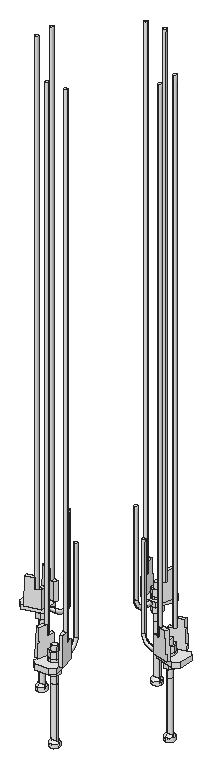
Revit family "a81064fe4cbe4a9d8d37ee35bb855d23", category Structural Connections, host Face, Revit 2021
Family settings
  Host = Face
  Material for Model Behavior = Other
  Enable cutting in views = No
  Cut with Voids When Loaded = Yes
  Shared = No
Parameters (values of type "HCC 16-640H")
  l = 0' - 11.81102"
  h [instance] = Column Diameter * sin(45.00°)  # 1' - 7.48719"
  f = 0' - 4.13386"
  b [instance] = Column Diameter * sin(45.00°)  # 1' - 7.48719"
  a = 0' - 1.9685"
  X = 0' - 1.1811"
  Type Comments = "Mountingpart"
  T = 0' - 0.59055"
  Phi = 0' - 1.06299"
  L [instance] = 4' - 11.05512"
  K = 0' - 4.40945"
  H [instance] = 6' - 6.74016"
  E = 0' - 1.9685"
  Default Elevation = 0' - 0"
  D = 0' - 5.35433"
  Column Shoe Type = Column Shoe and Anchor Bolt : HCC 16-640H
  Column Shoe Material [instance] = Metal - Steel - S235
  Column Diameter [instance] = 2' - 3.55906"
  C = 0' - 3.46457"
  B [instance] = 3' - 3.37008"
Types (10): name | l | h | f | b | T | Phi | K | E | D | Column Shoe Type | Column Diameter | C | B
  HCC 16-640H | 0' - 11.81102" | 1' - 7.48719" | 0' - 4.13386" | 1' - 7.48719" | 0' - 0.59055" | 0' - 1.06299" | 0' - 4.40945" | 0' - 1.9685" | 0' - 5.35433" | Column Shoe and Anchor Bolt : HCC 16-640H | 2' - 3.55906" | 0' - 3.46457" | 3' - 3.37008"
  HCC 16-640S | 0' - 11.81102" | 1' - 7.48719" | 0' - 4.13386" | 1' - 7.48719" | 0' - 0.59055" | 0' - 1.06299" | 0' - 4.40945" | 0' - 1.9685" | 0' - 5.35433" | Column Shoe and Anchor Bolt : HCC 16-640S | 2' - 3.55906" | 0' - 3.46457" | 3' - 3.37008"
  HCC 20-830H | 1' - 5.71654" | 2' - 3.83885" | 0' - 4.52756" | 2' - 3.83885" | 0' - 0.7874" | 0' - 1.1811" | 0' - 4.6063" | 0' - 1.9685" | 0' - 5.55118" | Column Shoe and Anchor Bolt : HCC 20-830H | 3' - 3.37008" | 0' - 3.74016" | 3' - 3.37008"
  HCC 20-830S | 1' - 5.71654" | 2' - 3.83885" | 0' - 4.52756" | 2' - 3.83885" | 0' - 0.7874" | 0' - 1.1811" | 0' - 4.6063" | 0' - 1.9685" | 0' - 5.55118" | Column Shoe and Anchor Bolt : HCC 20-830S | 3' - 3.37008" | 0' - 3.74016" | 3' - 3.37008"
  HCC 24-905H | 1' - 9.65354" | 2' - 3.83885" | 0' - 5.11811" | 2' - 3.83885" | 0' - 0.98425" | 0' - 1.37795" | 0' - 4.84252" | 0' - 1.9685" | 0' - 5.90551" | Column Shoe and Anchor Bolt : HCC 24-905H | 3' - 3.37008" | 0' - 4.17323" | 3' - 3.37008"
  HCC 24-905S | 1' - 9.65354" | 2' - 3.83885" | 0' - 5.11811" | 2' - 3.83885" | 0' - 0.98425" | 0' - 1.37795" | 0' - 4.84252" | 0' - 0.7874" | 0' - 5.90551" | Column Shoe and Anchor Bolt : HCC 24-905S | 3' - 3.37008" | 0' - 4.17323" | 3' - 3.37008"
  HCC 30-1100H | 2' - 7.49606" | 2' - 3.83885" | 0' - 5.90551" | 2' - 3.83885" | 0' - 1.37795" | 0' - 1.5748" | 0' - 5.90551" | 0' - 1.9685" | 0' - 11.33858" | Column Shoe and Anchor Bolt : HCC 30-1100H | 3' - 3.37008" | 0' - 4.68504" | 3' - 3.37008"
  HCC 30-1100S | 2' - 7.49606" | 2' - 3.83885" | 0' - 5.90551" | 2' - 3.83885" | 0' - 1.37795" | 0' - 1.5748" | 0' - 5.90551" | 0' - 1.9685" | 0' - 11.33858" | Column Shoe and Anchor Bolt : HCC 30-1100S | 3' - 3.37008" | 0' - 4.68504" | 3' - 3.37008"
  HCC M30-1200H | 3' - 5.33858" | 2' - 3.83885" | 0' - 6.49606" | 2' - 3.83885" | 0' - 1.77165" | 0' - 1.77165" | 0' - 6.81102" | 0' - 1.9685" | 0' - 8.66142" | Column Shoe and Anchor Bolt : HCC M30-1200H | 3' - 3.37008" | 0' - 5.27559" | 3' - 3.37008"
  HCC M30-1200S | 3' - 5.33858" | 2' - 3.83885" | 0' - 6.49606" | 2' - 3.83885" | 0' - 1.77165" | 0' - 1.77165" | 0' - 6.81102" | 0' - 1.9685" | 0' - 8.66142" | Column Shoe and Anchor Bolt : HCC M30-1200S | 3' - 3.37008" | 0' - 5.27559" | 6' - 6.74016"
Reference planes (in)
  plane 1 "Center (Front/Back)": y = 0
  plane 2: z = 0
  plane 3 "Center (Left/Right)": x = 0
  plane 4: y = 9.7436
  plane 5: y = -9.7436
  plane 6: x = -9.7436
  plane 7: x = 9.7436
Dimensions and locks (in)
  equal spacing: plane 4, plane 1 "Center (Front/Back)", plane 5
  "h": plane 4 to plane 5
  equal spacing: plane 6, plane 3 "Center (Left/Right)", plane 7
  "b": plane 6 to plane 7
  aligned and locked: plane 2 to host face
  aligned and locked: level to host face
  aligned and locked: nested 7 to plane 3 "Center (Left/Right)"
  aligned and locked: nested 7 to plane 5
  aligned and locked: nested 3 to plane 1 "Center (Front/Back)"
  aligned and locked: plane 6 to nested 3
  aligned and locked: plane 3 "Center (Left/Right)" to nested 1
  aligned and locked: nested 1 to plane 4
  aligned and locked: plane 1 "Center (Front/Back)" to nested 5
  aligned and locked: plane 7 to nested 5
Automatic sketch dimensions
  host sketch curve to host sketch curve = 8' - 0"  (x2)
Nested families (in)
  nested 1: "Column Shoe and Anchor Bolt" at (0, 4.58612, 0), type <- "Column Shoe Type", Column Shoe Material <- "Column Shoe Material", L <- "L", type "HCC 16-640H"
    with L 4' - 11.05512", Column Shoe Material Metal - Steel - S235
  nested 2: "HAB" at (0, 7.79488, 0.59055), type "HAB H16"
    with Anchor Bolt Material Metal - Steel - S235, l2 0' - 6.88976", l 0' - 11.02362", f1 0' - 1.5748", f 0' - 4.13386", r3 0' - 0.31496", r1 0' - 0.31496", d3 0' - 0.62992", d1 0' - 0.62992", Washers Radius 0' - 0.6378", T 0' - 0.59055", Phi 0' - 1.06299", Nut Width 0' - 1.10469", Cap Radius 0' - 0.56693"
  nested 3: "Column Shoe and Anchor Bolt" at (-4.58612, 0, 0) x (0, 1, 0) z (0, 0, 1), type <- "Column Shoe Type", Column Shoe Material <- "Column Shoe Material", L <- "L", type "HCC 16-640H"
    with L 4' - 11.05512", Column Shoe Material Metal - Steel - S235
  nested 4: "HAB" at (-7.79488, 0, 0.59055) x (0, 1, 0) z (0, 0, 1), type "HAB H16"
    with Anchor Bolt Material Metal - Steel - S235, l2 0' - 6.88976", l 0' - 11.02362", f1 0' - 1.5748", f 0' - 4.13386", r3 0' - 0.31496", r1 0' - 0.31496", d3 0' - 0.62992", d1 0' - 0.62992", Washers Radius 0' - 0.6378", T 0' - 0.59055", Phi 0' - 1.06299", Nut Width 0' - 1.10469", Cap Radius 0' - 0.56693"
  nested 5: "Column Shoe and Anchor Bolt" at (4.58612, 0, 0) x (0, -1, 0) z (0, 0, 1), type <- "Column Shoe Type", Column Shoe Material <- "Column Shoe Material", L <- "L", type "HCC 16-640H"
    with L 4' - 11.05512", Column Shoe Material Metal - Steel - S235
  nested 6: "HAB" at (7.79488, 0, 0.59055) x (0, -1, 0) z (0, 0, 1), type "HAB H16"
    with Anchor Bolt Material Metal - Steel - S235, l2 0' - 6.88976", l 0' - 11.02362", f1 0' - 1.5748", f 0' - 4.13386", r3 0' - 0.31496", r1 0' - 0.31496", d3 0' - 0.62992", d1 0' - 0.62992", Washers Radius 0' - 0.6378", T 0' - 0.59055", Phi 0' - 1.06299", Nut Width 0' - 1.10469", Cap Radius 0' - 0.56693"
  nested 7: "Column Shoe and Anchor Bolt" at (0, -4.58612, 0) x (-1, 0, 0) z (0, 0, 1), type <- "Column Shoe Type", Column Shoe Material <- "Column Shoe Material", L <- "L", type "HCC 16-640H"
    with L 4' - 11.05512", Column Shoe Material Metal - Steel - S235
  nested 8: "HAB" at (0, -7.79488, 0.59055) x (-1, 0, 0) z (0, 0, 1), type "HAB H16"
    with Anchor Bolt Material Metal - Steel - S235, l2 0' - 6.88976", l 0' - 11.02362", f1 0' - 1.5748", f 0' - 4.13386", r3 0' - 0.31496", r1 0' - 0.31496", d3 0' - 0.62992", d1 0' - 0.62992", Washers Radius 0' - 0.6378", T 0' - 0.59055", Phi 0' - 1.06299", Nut Width 0' - 1.10469", Cap Radius 0' - 0.56693"
Definition of nested family "Column Shoe and Anchor Bolt"
  Parameters
    Type Comments = "Mountingpart"
    Phi = 0' - 1.06299"
    Semi Phi = 0.5 * Phi  # 0' - 0.5315"
    y2 = C * sin(45.00°)  # 0' - 2.44982"
    y1 = (E - X) * sin(45.00°)  # 0' - 0.55678"
    x3 = E * (2 * sin(45.00°) - C / d)  # 0' - 1.46153"
    x2 = 2 * E * sin(45.00°)  # 0' - 2.78388"
    x1 = 2 * X * sin(45.00°)  # 0' - 1.67033"
    t1 = 0' - 0.3937"
    f = 0' - 4.13386"
    a = 0' - 1.9685"
    X = 0' - 1.1811"
    l = 0' - 11.81102"
    k1 = d * sin(45.00°) + 0.5 * X  # 0' - 4.23744"
    d = D - R1  # 0' - 5.15748"
    T = 0' - 0.59055"
    O3 = 0' - 0.59055"
    O4 = 0' - 0.7874"
    O2 = 0' - 0.19685"
    O1 = 0' - 0.3937"
    L [instance] = 4' - 11.05512"
    Real K = R1 + k1  # 0' - 4.43429"
    e1 = (2 * E - X) * sin(45.00°)  # 0' - 1.94872"
    K = 0' - 4.40945"
    E = 0' - 1.9685"
    Default Elevation = 0' - 0"
    Semi dbr = 7 * R2  # 0' - 1.37795"
    D = 0' - 5.35433"
    Column Shoe Material [instance] = none
    C = 0' - 3.46457"
    R2 = 0' - 0.19685"
    R1 = 0' - 0.19685"
    Bolt Type = HAB : HAB H16
    B2 = B - 0' 1.1811"  # 0' - 2.16535"
    B = 0' - 3.34646"
  Reference planes (in)
    plane 1 "Center (Front/Back)": y = 0
    plane 2: z = 0
    plane 3 "Center (Left/Right)": x = 0
    plane 4: z = 0.59055
    plane 5: z = 0.29528
    plane 6: z = 11.81102
    plane 7: z = 3.93701
    plane 8: z = 2.75591
    plane 9: y = 5.15748
    plane 10: x = -1.39194
    plane 11: x = 1.39194
    plane 12: y = 4.6007
    plane 13: y = 2.15088
    plane 14: x = -0.83517
    plane 15: x = 0.83517
    plane 16: x = -0.73077
    plane 17: x = 0.73077
    plane 18: y = 3.20876
    plane 19: y = 2.93829
    plane 20: z = 62.99213
  Forms (in)
    Extrusion 1, solid
      sketch origin (0, 0, 0) x (1, 0, 0) y (0, 1, 0)
        loop
          line (-48, 48) -> (-48, -48) -> (48, -48) -> (48, 48) -> (-48, 48)
      from 0 to -12
    Sweep 2, solid, material <- "Column Shoe Material"
      path in 3D
        loop
          line (0, 0, 11.81102) -> (0, 0, 1.67323)
          arc (0, 0, 1.67323) -> (0, 0.40359, 0.69887) -> (0, 1.37795, 0.29528) r 1.37795
          line (0, 1.37795, 0.29528) -> (0, 2.81506, 0.29528)
      profile origin (0, 0.40359, 0.69887) x (0, 0.707107, 0.707107) y (1, 0, 0)
        loop
          circle (0, 0) r 0.19685
    Extrusion 3, void
      sketch origin (-0.03635, 4.65317, 0) x (1, 0, 0) y (0, 1, 0)
        loop
          circle (0.03635, -1.44441) r 0.5315
      from 0 to 3.93701
    Blend 4, solid, material <- "Column Shoe Material"
      base sketch origin (-0.18342, 0.17505, 0) x (-1, 0, 0) y (0, -1, 0)
        loop
          line (-1.47277, -4.04555) -> (-0.96547, -2.16589) -> (-1.34557, -2.0633) -> (-1.85287, -3.94297) -> (-1.47277, -4.04555)
      top sketch origin (-0.18342, 0.17505, 0) x (-1, 0, 0) y (0, -1, 0)
        loop
          line (-1.42148, -3.8555) -> (-0.96547, -2.16589) -> (-1.34557, -2.0633) -> (-1.80158, -3.75292) -> (-1.42148, -3.8555)
      from 0.59055 to 3.93701
    Extrusion 5, solid, material <- "Column Shoe Material"
      sketch origin (1.96539, -0.28862, 0) x (1, 0, 0) y (0, 1, 0)
        loop
          circle (-3.11256, 3.22691) r 0.19685
        loop
          circle (-0.81822, 3.22691) r 0.19685
      from 2.75591 to 62.99213
    Extrusion 6, void
      sketch origin (0, -1.92772, 0) x (0, -1, 0) y (0, 0, 1)
        loop
          line (-4.07861, 3.93701) -> (-4.86601, 3.93701) -> (-4.86601, 2.75591) -> (-4.07861, 2.75591) -> (-4.07861, 3.93701)
      from -1.39194 to 1.39194
    Extrusion 7, solid, material <- "Column Shoe Material"
      sketch origin (0, 0, 0) x (1, 0, 0) y (0, 1, 0)
        loop
          line (0.83517, 5.15748) -> (-0.83517, 5.15748) -> (-1.39194, 4.6007) -> (-0.73077, 2.15088) -> (0.73077, 2.15088) -> (1.39194, 4.6007) -> (0.83517, 5.15748)
        loop
          circle (0, 3.20876) r 0.5315
      from 0 to 0.59055
    Blend 8, solid, material <- "Column Shoe Material"
      base sketch origin (0.18342, 0.17505, 0) x (1, 0, 0) y (0, 1, 0)
        loop
          line (-1.47277, 4.04555) -> (-1.85287, 3.94297) -> (-1.34557, 2.0633) -> (-0.96547, 2.16589) -> (-1.47277, 4.04555)
      top sketch origin (0.18342, 0.17505, 0) x (1, 0, 0) y (0, 1, 0)
        loop
          line (-1.42148, 3.8555) -> (-1.80158, 3.75292) -> (-1.34557, 2.0633) -> (-0.96547, 2.16589) -> (-1.42148, 3.8555)
      from 0.59055 to 3.93701
  Cuts and joins
    Extrusion 3, Extrusion 6 cuts Sweep 2
    joined: Sweep 2, Extrusion 7
    Extrusion 6 cuts Blend 4
    Extrusion 6 cuts Blend 8
  Lines and regions (in)
    reference lines
      curve 1: line (0, 3.24836, 0.29528) -> (0, 1.37795, 0.29528)
      curve 2: line (0, 0, 1.67323) -> (0, 0, 11.81102)
      curve 3: arc (0, 0, 1.67323) -> (0, 0.40359, 0.69887) -> (0, 1.37795, 0.29528) r 1.37795
      curve 7: line (0.73077, 2.15088, 0) -> (1.39194, 4.6007, 0)
      curve 8: line (-0.73077, 2.15088, 0) -> (-1.39194, 4.6007, 0)
    sketch lines
      curve 4: arc (0, 0, 1.67323) -> (0, 0.40359, 0.69887) -> (0, 1.37795, 0.29528) r 1.37795
      curve 5: line (0, 2.81506, 0.29528) -> (0, 1.37795, 0.29528)
      curve 6: line (0, 0, 1.67323) -> (0, 0, 11.81102)
  Dimensions and locks (in)
    "T": plane 4 to level
    "l": plane 6 to plane 2
    equal spacing: plane 4, plane 5, plane 2
    "B": plane 7 to plane 4
    "B2": plane 4 to plane 8
    equal spacing: plane 16, plane 3 "Center (Left/Right)", plane 17
    equal spacing: plane 14, plane 3 "Center (Left/Right)", plane 15
    equal spacing: plane 10, plane 3 "Center (Left/Right)", plane 11
    "x2": plane 10 to plane 11
    "x1": plane 14 to plane 15
    "x3": plane 16 to plane 17
    "y1": plane 9 to plane 12
    "y2": plane 12 to plane 13
    "d": plane 9 to plane 1 "Center (Front/Back)"
    "e1": plane 9 to plane 18
    "t1": Blend 4 sketch curve to Blend 4 sketch curve  (x2)
    "O2": Extrusion 7 to Blend 4 sketch curve
    "O1": Blend 4 sketch curve to curve 7
    "O2": curve 7 to Blend 4 sketch curve
    "O4": plane 13 to plane 19
    equal spacing: cut or joined group of Blend 4, Extrusion 6, Extrusion 5 sketch curve, Extrusion 7
    "O3": Blend 4 sketch curve to curve 7
    "t1": Blend 8 sketch curve to Blend 8 sketch curve  (x2)
    "O1": curve 8 to Blend 8 sketch curve
    "O2": Blend 8 sketch curve to curve 8  (x2)
    "O3": curve 8 to Blend 8 sketch curve
    equal spacing: Blend 8, Extrusion 5 sketch curve, Blend 8
    "L": plane 20 to plane 7
    "Semi dbr": radius of curve 3
    "R1": radius of Sweep 2 sketch curve
    "R2": radius of Extrusion 5 sketch curve  (x2)
    "Semi Phi": radius of Extrusion 7 sketch curve
    locked: Extrusion 7 to Blend 4 sketch curve (angle 90.00°)
    aligned and locked: plane 2 to Extrusion 1
    aligned and locked: level to Extrusion 1
    aligned and locked: curve 1 to plane 5
    aligned and locked: plane 1 "Center (Front/Back)" to curve 2
    aligned and locked: plane 6 to curve 2
    aligned and locked: Extrusion 3 to Extrusion 1
    aligned and locked: Blend 4 to plane 4
    aligned and locked: plane 8 to Extrusion 5
    aligned and locked: Extrusion 6 sketch curve to Blend 4
    aligned and locked: Extrusion 3 sketch curve to Extrusion 7
    aligned and locked: plane 4 to Extrusion 7
    aligned and locked: Extrusion 7 sketch curve to plane 9
    aligned and locked: plane 3 "Center (Left/Right)" to Extrusion 7 sketch curve
    aligned and locked: plane 12 to Extrusion 7 sketch curve  (x2)
    aligned and locked: plane 18 to Extrusion 7 sketch curve
    aligned and locked: plane 15 to Extrusion 7 sketch curve
    aligned and locked: plane 9 to Extrusion 7 sketch curve
    aligned and locked: plane 13 to Extrusion 7 sketch curve
    aligned and locked: plane 17 to Extrusion 7 sketch curve
    aligned and locked: plane 14 to Extrusion 7 sketch curve
    aligned and locked: plane 10 to Extrusion 7 sketch curve
    aligned and locked: plane 16 to Extrusion 7 sketch curve
    aligned and locked: plane 12 to curve 7
    aligned and locked: plane 11 to curve 7
    aligned and locked: plane 17 to curve 7
    aligned and locked: plane 13 to curve 7
    aligned and locked: plane 12 to curve 8
    aligned and locked: plane 10 to curve 8
    aligned and locked: plane 16 to curve 8
    aligned and locked: plane 13 to curve 8
    aligned and locked: Blend 4 sketch curve to curve 7
    aligned and locked: var sketch to Blend 4 sketch curve
    aligned and locked: plane 19 to Extrusion 5 sketch curve  (x2)
    aligned and locked: var sketch to Blend 8 sketch curve
    aligned and locked: Extrusion 7 to Blend 8 sketch curve
    aligned and locked: Extrusion 6 to plane 19
    aligned and locked: Extrusion 6 to Extrusion 7
    aligned and locked: plane 7 to Extrusion 3
    aligned and locked: plane 7 to Blend 4
    aligned and locked: plane 7 to Blend 8
    aligned and locked: Blend 8 to plane 4
    aligned and locked: plane 20 to Extrusion 5
    aligned and locked: Extrusion 6 to plane 11
    aligned and locked: Extrusion 6 to plane 10
    aligned and locked: plane 3 "Center (Left/Right)" to nested 1
    aligned and locked: nested 1 to plane 18
  Automatic sketch dimensions
    Extrusion 1 sketch curve to Extrusion 1 sketch curve = 8' - 0"  (x2)
    plane 18 to curve 1 = 0' - 0.03959"
    Sweep 2 sketch curve to profile plane = 0' - 0"  (x2)
    plane 8 to Extrusion 6 sketch curve = 0' - 0"
    Extrusion 6 sketch curve to plane 13 = 0' - 0.7874"
    Extrusion 6 sketch curve to plane 1 "Center (Front/Back)" = 0' - 2.15088"
    Extrusion 7 sketch curve to plane 11 = 0' - 0"
  Nested families (in)
    nested 1: "HAB" at (0, 3.20876, 0.59055), type <- "Bolt Type", type "HAB H16"
      with Anchor Bolt Material none, l2 0' - 6.88976", l 0' - 11.02362", f1 0' - 1.5748", f 0' - 4.13386", r3 0' - 0.31496", r1 0' - 0.31496", d3 0' - 0.62992", d1 0' - 0.62992", Washers Radius 0' - 0.6378", T 0' - 0.59055", Phi 0' - 1.06299", Nut Width 0' - 1.10469", Cap Radius 0' - 0.56693"
  Definition of nested family "HAB"
    Parameters
      l2 = 0' - 9.25197"
      l = 1' - 1.77953"
      f1 = f - a - T  # 0' - 1.77165"
      f = 0' - 4.52756"
      r3 = 0.5 * d3  # 0' - 0.3937"
      r1 = 0.5 * d1  # 0' - 0.3937"
      d3 = 0' - 0.7874"
      d1 = 0' - 0.7874"
      a = 0' - 1.9685"
      Washers Thickness = 0' - 0.19685"
      Washers Radius = 0.5 * Phi * 1.2  # 0' - 0.70866"
      Type Comments = "Mountingpart"
      T = 0' - 0.7874"
      Phi = 0' - 1.1811"
      Nut Width = 2 * Washers Radius * cos(30.00°)  # 0' - 1.22744"
      Nut Thickness = 0' - 0.7874"
      Cap = yes
      Anchor Bolt Material [instance] = none
      Default Elevation = 0' - 0"
      Cap Thickness = Nut Thickness  # 0' - 0.7874"
      Cap Radius = d1 * 0.9  # 0' - 0.70866"
    Reference planes (in)
      plane 1 "Center (Front/Back)": y = 0
      plane 2: z = 0
      plane 3 "Center (Left/Right)": x = 0
      plane 4: z = 0.19685
      plane 5: z = -0.7874
      plane 6: z = -0.98425
      plane 7: z = 0.98425
      plane 8: z = -1.77165
      plane 9: y = 0.35433
      plane 10: y = -0.35433
      plane 11: y = 0.70866
      plane 12: y = -0.70866
      plane 13: z = 1.77165
      plane 14: z = -12.00787
      plane 15: z = -11.22047
      plane 16: z = -2.75591
      plane 17: z = -11.61417
      plane 18: x = -0.61372
      plane 19: x = 0.61372
    Forms (in)
      Extrusion 1, solid
        sketch origin (0, 0, 0) x (1, 0, 0) y (0, 1, 0)
          loop
            line (-48, 48) -> (-48, -48) -> (48, -48) -> (48, 48) -> (-48, 48)
        from 0 to -6.78513
      Extrusion 2, solid, material <- "Anchor Bolt Material"
        sketch origin (0, 0, 0) x (1, 0, 0) y (0, 1, 0)
          loop
            circle (0, 0) r 0.3937
        from -2.75591 to 1.77165
      Extrusion 3, solid, material <- "Anchor Bolt Material"
        sketch origin (0, 0, 0) x (1, 0, 0) y (0, 1, 0)
          loop
            circle (0, 0) r 0.70866
        from 0 to 0.19685
      Extrusion 4, solid, material <- "Anchor Bolt Material"
        sketch origin (0, 0, -14.37008) x (1, 0, 0) y (0, 1, 0)
          loop
            circle (0, 0) r 0.70866
        from 13.38583 to 13.58268
      Extrusion 5, solid, material <- "Anchor Bolt Material"
        sketch origin (0, 0, 0) x (1, 0, 0) y (0, 1, 0)
          loop
            line (0, 0.70866) -> (-0.61372, 0.35433) -> (-0.61372, -0.35433) -> (0, -0.70866) -> (0.61372, -0.35433) -> (0.61372, 0.35433) -> (0, 0.70866)
        from 0.19685 to 0.98425
      Extrusion 6, solid, material <- "Anchor Bolt Material"
        sketch origin (0, 0, -15.74803) x (1, 0, 0) y (0, 1, 0)
          loop
            line (-0.61372, 0.35433) -> (-0.61372, -0.35433) -> (0, -0.70866) -> (0.61372, -0.35433) -> (0.61372, 0.35433) -> (0, 0.70866) -> (-0.61372, 0.35433)
        from 13.97638 to 14.76378
      Extrusion 7, solid, material <- "Anchor Bolt Material"
        sketch origin (0, 0, -2.96548) x (1, 0, 0) y (0, 1, 0)
          loop
            circle (0, 0) r 0.3937
        from -9.04239 to 0.20957
      Blend 8, solid, material <- "Anchor Bolt Material", visible <- "Cap"
        base sketch origin (-1.67336, -180, -11.22047) x (-1, 0, 0) y (0, -1, 0)
          loop
            circle (-1.67336, -180) r 0.3937
        top sketch origin (-1.67336, -180, -11.22047) x (-1, 0, 0) y (0, -1, 0)
          loop
            circle (-1.67336, -180) r 0.70866
        from 0 to -0.3937
      Extrusion 9, solid, material <- "Anchor Bolt Material", visible <- "Cap"
        sketch origin (-1.41732, -180, -12.00787) x (-1, 0, 0) y (0, -1, 0)
          loop
            circle (-1.41732, -180) r 0.70866
        from 0 to 0.3937
    Cuts and joins
      joined: Extrusion 2, Extrusion 3, Extrusion 4, Extrusion 5, Extrusion 6, Extrusion 7
      joined: Blend 8, Extrusion 9
    Dimensions and locks (in)
      "T": plane 2 to plane 5
      "Washers Thickness": plane 5 to plane 6
      "Washers Thickness": plane 4 to level
      "Nut Thickness": plane 7 to plane 4
      "Nut Thickness": plane 6 to plane 8
      "Washers Radius": plane 1 "Center (Front/Back)" to plane 11
      "Washers Radius": plane 12 to plane 1 "Center (Front/Back)"
      equal spacing: plane 9, plane 1 "Center (Front/Back)", plane 10
      "Washers Radius": plane 9 to plane 10
      "l": plane 13 to plane 14
      "Cap Thickness": plane 15 to plane 14
      "l2": plane 16 to plane 14
      "f1": plane 13 to plane 2
      equal spacing: plane 15, plane 17, plane 14
      equal spacing: plane 18, plane 3 "Center (Left/Right)", plane 19
      "Nut Width": plane 18 to plane 19
      "r3": radius of Extrusion 2 sketch curve
      "Washers Radius": radius of Extrusion 3 sketch curve
      "Washers Radius": radius of Extrusion 4 sketch curve
      "r1": radius of Extrusion 7 sketch curve
      "r1": radius of Blend 8 sketch curve
      "Cap Radius": radius of Blend 8 sketch curve
      "Cap Radius": radius of Extrusion 9 sketch curve
      aligned and locked: plane 2 to Extrusion 1
      aligned and locked: level to Extrusion 1
      aligned and locked: plane 1 "Center (Front/Back)" to Extrusion 2 sketch curve
      aligned and locked: plane 3 "Center (Left/Right)" to Extrusion 2 sketch curve
      aligned and locked: plane 1 "Center (Front/Back)" to Extrusion 3 sketch curve
      aligned and locked: plane 3 "Center (Left/Right)" to Extrusion 3 sketch curve
      aligned and locked: plane 4 to Extrusion 3
      aligned and locked: Extrusion 3 to level
      aligned and locked: plane 5 to Extrusion 4
      aligned and locked: Extrusion 4 to plane 6
      aligned and locked: plane 1 "Center (Front/Back)" to Extrusion 4 sketch curve
      aligned and locked: plane 3 "Center (Left/Right)" to Extrusion 4 sketch curve
      aligned and locked: plane 7 to Extrusion 5
      aligned and locked: Extrusion 5 to plane 4
      aligned and locked: plane 11 to Extrusion 5 sketch curve
      aligned and locked: plane 3 "Center (Left/Right)" to Extrusion 5 sketch curve  (x2)
      aligned and locked: plane 12 to Extrusion 5 sketch curve
      aligned and locked: plane 10 to Extrusion 5 sketch curve  (x2)
      aligned and locked: plane 6 to Extrusion 6
      aligned and locked: Extrusion 6 to plane 8
      aligned and locked: plane 13 to Extrusion 2
      aligned: Extrusion 2 to plane 14
      aligned and locked: plane 10 to Extrusion 6 sketch curve  (x2)
      aligned and locked: Extrusion 2 to plane 16
      aligned: Extrusion 7 to plane 15
      aligned and locked: plane 1 "Center (Front/Back)" to Blend 8 sketch curve  (x2)
      aligned and locked: plane 3 "Center (Left/Right)" to Blend 8 sketch curve  (x2)
      aligned and locked: Blend 8 to plane 17
      aligned and locked: plane 15 to Blend 8
      aligned and locked: plane 1 "Center (Front/Back)" to Extrusion 9 sketch curve
      aligned and locked: plane 3 "Center (Left/Right)" to Extrusion 9 sketch curve
      aligned and locked: plane 17 to Extrusion 9
      aligned and locked: plane 18 to Extrusion 5 sketch curve
      aligned and locked: Extrusion 5 sketch curve to plane 19
      aligned and locked: plane 9 to Extrusion 5 sketch curve  (x2)
      aligned and locked: plane 19 to Extrusion 6 sketch curve
      aligned and locked: plane 18 to Extrusion 6 sketch curve
      aligned and locked: plane 9 to Extrusion 6 sketch curve  (x2)
      aligned and locked: plane 11 to Extrusion 6 sketch curve
      aligned and locked: plane 3 "Center (Left/Right)" to Extrusion 6 sketch curve  (x2)
      aligned and locked: plane 12 to Extrusion 6 sketch curve
      aligned and locked: Extrusion 7 to plane 14
      aligned and locked: plane 16 to Extrusion 7
    Automatic sketch dimensions
      Extrusion 1 sketch curve to Extrusion 1 sketch curve = 8' - 0"  (x2)
      plane 1 "Center (Front/Back)" to Extrusion 7 sketch curve = 0' - 0"
      Extrusion 7 sketch curve to plane 3 "Center (Left/Right)" = 0' - 0"
Definition of nested family "HAB"
  Parameters
    l2 = 0' - 9.25197"
    l = 1' - 1.77953"
    f1 = f - a - T  # 0' - 1.77165"
    f = 0' - 4.52756"
    r3 = 0.5 * d3  # 0' - 0.3937"
    r1 = 0.5 * d1  # 0' - 0.3937"
    d3 = 0' - 0.7874"
    d1 = 0' - 0.7874"
    a = 0' - 1.9685"
    Washers Thickness = 0' - 0.19685"
    Washers Radius = 0.5 * Phi * 1.2  # 0' - 0.70866"
    Type Comments = "Mountingpart"
    T = 0' - 0.7874"
    Phi = 0' - 1.1811"
    Nut Width = 2 * Washers Radius * cos(30.00°)  # 0' - 1.22744"
    Nut Thickness = 0' - 0.7874"
    Cap = yes
    Anchor Bolt Material [instance] = none
    Default Elevation = 0' - 0"
    Cap Thickness = Nut Thickness  # 0' - 0.7874"
    Cap Radius = d1 * 0.9  # 0' - 0.70866"
  Reference planes (in)
    plane 1 "Center (Front/Back)": y = 0
    plane 2: z = 0
    plane 3 "Center (Left/Right)": x = 0
    plane 4: z = 0.19685
    plane 5: z = -0.7874
    plane 6: z = -0.98425
    plane 7: z = 0.98425
    plane 8: z = -1.77165
    plane 9: y = 0.35433
    plane 10: y = -0.35433
    plane 11: y = 0.70866
    plane 12: y = -0.70866
    plane 13: z = 1.77165
    plane 14: z = -12.00787
    plane 15: z = -11.22047
    plane 16: z = -2.75591
    plane 17: z = -11.61417
    plane 18: x = -0.61372
    plane 19: x = 0.61372
  Forms (in)
    Extrusion 1, solid
      sketch origin (0, 0, 0) x (1, 0, 0) y (0, 1, 0)
        loop
          line (-48, 48) -> (-48, -48) -> (48, -48) -> (48, 48) -> (-48, 48)
      from 0 to -6.78513
    Extrusion 2, solid, material <- "Anchor Bolt Material"
      sketch origin (0, 0, 0) x (1, 0, 0) y (0, 1, 0)
        loop
          circle (0, 0) r 0.3937
      from -2.75591 to 1.77165
    Extrusion 3, solid, material <- "Anchor Bolt Material"
      sketch origin (0, 0, 0) x (1, 0, 0) y (0, 1, 0)
        loop
          circle (0, 0) r 0.70866
      from 0 to 0.19685
    Extrusion 4, solid, material <- "Anchor Bolt Material"
      sketch origin (0, 0, -14.37008) x (1, 0, 0) y (0, 1, 0)
        loop
          circle (0, 0) r 0.70866
      from 13.38583 to 13.58268
    Extrusion 5, solid, material <- "Anchor Bolt Material"
      sketch origin (0, 0, 0) x (1, 0, 0) y (0, 1, 0)
        loop
          line (0, 0.70866) -> (-0.61372, 0.35433) -> (-0.61372, -0.35433) -> (0, -0.70866) -> (0.61372, -0.35433) -> (0.61372, 0.35433) -> (0, 0.70866)
      from 0.19685 to 0.98425
    Extrusion 6, solid, material <- "Anchor Bolt Material"
      sketch origin (0, 0, -15.74803) x (1, 0, 0) y (0, 1, 0)
        loop
          line (-0.61372, 0.35433) -> (-0.61372, -0.35433) -> (0, -0.70866) -> (0.61372, -0.35433) -> (0.61372, 0.35433) -> (0, 0.70866) -> (-0.61372, 0.35433)
      from 13.97638 to 14.76378
    Extrusion 7, solid, material <- "Anchor Bolt Material"
      sketch origin (0, 0, -2.96548) x (1, 0, 0) y (0, 1, 0)
        loop
          circle (0, 0) r 0.3937
      from -9.04239 to 0.20957
    Blend 8, solid, material <- "Anchor Bolt Material", visible <- "Cap"
      base sketch origin (-1.67336, -180, -11.22047) x (-1, 0, 0) y (0, -1, 0)
        loop
          circle (-1.67336, -180) r 0.3937
      top sketch origin (-1.67336, -180, -11.22047) x (-1, 0, 0) y (0, -1, 0)
        loop
          circle (-1.67336, -180) r 0.70866
      from 0 to -0.3937
    Extrusion 9, solid, material <- "Anchor Bolt Material", visible <- "Cap"
      sketch origin (-1.41732, -180, -12.00787) x (-1, 0, 0) y (0, -1, 0)
        loop
          circle (-1.41732, -180) r 0.70866
      from 0 to 0.3937
  Cuts and joins
    joined: Extrusion 2, Extrusion 3, Extrusion 4, Extrusion 5, Extrusion 6, Extrusion 7
    joined: Blend 8, Extrusion 9
  Dimensions and locks (in)
    "T": plane 2 to plane 5
    "Washers Thickness": plane 5 to plane 6
    "Washers Thickness": plane 4 to level
    "Nut Thickness": plane 7 to plane 4
    "Nut Thickness": plane 6 to plane 8
    "Washers Radius": plane 1 "Center (Front/Back)" to plane 11
    "Washers Radius": plane 12 to plane 1 "Center (Front/Back)"
    equal spacing: plane 9, plane 1 "Center (Front/Back)", plane 10
    "Washers Radius": plane 9 to plane 10
    "l": plane 13 to plane 14
    "Cap Thickness": plane 15 to plane 14
    "l2": plane 16 to plane 14
    "f1": plane 13 to plane 2
    equal spacing: plane 15, plane 17, plane 14
    equal spacing: plane 18, plane 3 "Center (Left/Right)", plane 19
    "Nut Width": plane 18 to plane 19
    "r3": radius of Extrusion 2 sketch curve
    "Washers Radius": radius of Extrusion 3 sketch curve
    "Washers Radius": radius of Extrusion 4 sketch curve
    "r1": radius of Extrusion 7 sketch curve
    "r1": radius of Blend 8 sketch curve
    "Cap Radius": radius of Blend 8 sketch curve
    "Cap Radius": radius of Extrusion 9 sketch curve
    aligned and locked: plane 2 to Extrusion 1
    aligned and locked: level to Extrusion 1
    aligned and locked: plane 1 "Center (Front/Back)" to Extrusion 2 sketch curve
    aligned and locked: plane 3 "Center (Left/Right)" to Extrusion 2 sketch curve
    aligned and locked: plane 1 "Center (Front/Back)" to Extrusion 3 sketch curve
    aligned and locked: plane 3 "Center (Left/Right)" to Extrusion 3 sketch curve
    aligned and locked: plane 4 to Extrusion 3
    aligned and locked: Extrusion 3 to level
    aligned and locked: plane 5 to Extrusion 4
    aligned and locked: Extrusion 4 to plane 6
    aligned and locked: plane 1 "Center (Front/Back)" to Extrusion 4 sketch curve
    aligned and locked: plane 3 "Center (Left/Right)" to Extrusion 4 sketch curve
    aligned and locked: plane 7 to Extrusion 5
    aligned and locked: Extrusion 5 to plane 4
    aligned and locked: plane 11 to Extrusion 5 sketch curve
    aligned and locked: plane 3 "Center (Left/Right)" to Extrusion 5 sketch curve  (x2)
    aligned and locked: plane 12 to Extrusion 5 sketch curve
    aligned and locked: plane 10 to Extrusion 5 sketch curve  (x2)
    aligned and locked: plane 6 to Extrusion 6
    aligned and locked: Extrusion 6 to plane 8
    aligned and locked: plane 13 to Extrusion 2
    aligned: Extrusion 2 to plane 14
    aligned and locked: plane 10 to Extrusion 6 sketch curve  (x2)
    aligned and locked: Extrusion 2 to plane 16
    aligned: Extrusion 7 to plane 15
    aligned and locked: plane 1 "Center (Front/Back)" to Blend 8 sketch curve  (x2)
    aligned and locked: plane 3 "Center (Left/Right)" to Blend 8 sketch curve  (x2)
    aligned and locked: Blend 8 to plane 17
    aligned and locked: plane 15 to Blend 8
    aligned and locked: plane 1 "Center (Front/Back)" to Extrusion 9 sketch curve
    aligned and locked: plane 3 "Center (Left/Right)" to Extrusion 9 sketch curve
    aligned and locked: plane 17 to Extrusion 9
    aligned and locked: plane 18 to Extrusion 5 sketch curve
    aligned and locked: Extrusion 5 sketch curve to plane 19
    aligned and locked: plane 9 to Extrusion 5 sketch curve  (x2)
    aligned and locked: plane 19 to Extrusion 6 sketch curve
    aligned and locked: plane 18 to Extrusion 6 sketch curve
    aligned and locked: plane 9 to Extrusion 6 sketch curve  (x2)
    aligned and locked: plane 11 to Extrusion 6 sketch curve
    aligned and locked: plane 3 "Center (Left/Right)" to Extrusion 6 sketch curve  (x2)
    aligned and locked: plane 12 to Extrusion 6 sketch curve
    aligned and locked: Extrusion 7 to plane 14
    aligned and locked: plane 16 to Extrusion 7
  Automatic sketch dimensions
    Extrusion 1 sketch curve to Extrusion 1 sketch curve = 8' - 0"  (x2)
    plane 1 "Center (Front/Back)" to Extrusion 7 sketch curve = 0' - 0"
    Extrusion 7 sketch curve to plane 3 "Center (Left/Right)" = 0' - 0"
